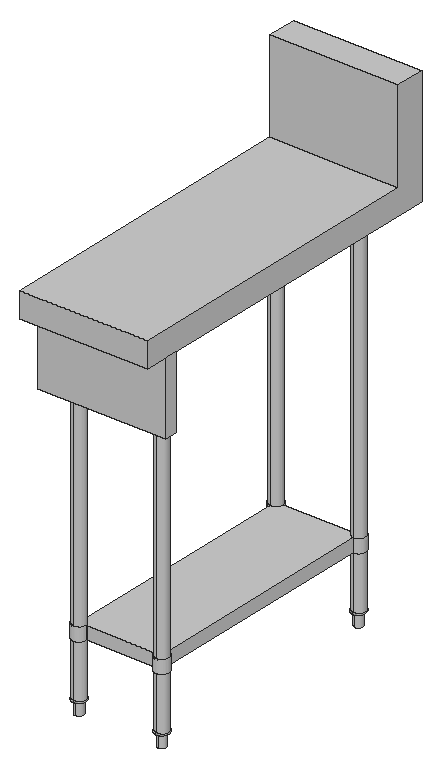
Revit family "QF_COMCATER ALL BRANDS_RCSPR3", category Specialty Equipment, Revit 2014
Parameters (values of type "RCSPR3")
  URL Cutsheet = ""
  URL = ""
  Type Comments = "The Australian owned and designed* Trueheat RC Series of Gas Cooking Equipment has been developed for the restaurant and cafe market with a high quality finish, designed to fulfill the busy demands within a commercial kitchen.\r\nSturdy range matched infill benches with stand.\r\nNote: Legs, feet and shelf can be removed to allow infill bench to be suspended between units on either side. (Hardware not included)."
  Status [instance] = ""
  Specification by User [instance] = ""
  Specification by Manufacturer [instance] = ""
  Seismic Rating = ""
  SMACNA No = ""
  Revision Code [instance] = ""
  NAFEM Spec ID Number = ""
  Model = "RCSPR3"
  Masterspec = ""
  Manufacturer = "TRUEHEAT"
  Length Actual = 300 mm
  Item Number [instance] = ""
  Installed By [instance] = ""
  Identify Quantity as Lot [instance] = no
  Height Actual = 910 mm
  Furnished By [instance] = ""
  Foodservice Equipment Identifier [instance] = yes
  Description = "300 MM WIDE INFILL BENCH"
  Depth Actual = 803 mm
  CSI MasterFormat = ""
  Assembly Code = "E1090320"
  Accessory = no
Reference planes
  plane 1 "Center (Front/Back)": y = 0
  plane 2: z = 0
  plane 3 "Center (Left/Right)": x = 0
Dimensions and locks
  aligned and locked: level to plane 2
Nested families
  nested 1: "QF_COMCATER_RCSPR3" at (0, 0, 0), type "RCSPR3"
    with Show Logo yes, Show Clearance yes
Definition of nested family "QF_COMCATER_RCSPR3"
  Parameters (values of type "RCSPR3")
    URL = "www.comcater.com.au"
    Show Logo [instance] = yes
    Show Clearance [instance] = yes
    Model = "RCSPR3"
    Manufacturer = "TRUEHEAT"
    Description = "WIDE INFILL BENCHES"
    Assembly Code = "E1090320"
  Reference planes
    plane 1 "Back": y = 0
    plane 2: z = 0
    plane 3 "Left": x = 0
    plane 4 "Right": x = 300
    plane 5 "Front": y = -803
    plane 6 "Top": z = 910
  Forms (mm)
    Extrusion 1, solid
      sketch origin (207.069, 0, 682.5) x (0, 1, 0) y (0, 0, 1)
        loop
          line (0, 442.5) -> (-70, 442.5) -> (-70, 227.5) -> (-803, 227.5) -> (-803, 167.5) -> (0, 167.5) -> (0, 442.5)
      from -207.069 to 92.931
    Extrusion 2, solid
      sketch origin (0, 0, 0) x (0, 1, 0) y (0, 0, 1)
        loop
          line (-720, 850) -> (-750, 850) -> (-750, 680) -> (-720, 680) -> (-720, 850)
      from 0 to 300
    Extrusion 3, solid
      sketch origin (0, 0, 160) x (1, 0, 0) y (0, 1, 0)
        loop
          line (60.5, -145) -> (60.5, -688)
          arc (60.5, -688) -> (48.479, -717.021) -> (77.5, -705) r 17
          line (77.5, -705) -> (237.5, -705)
          arc (237.5, -705) -> (266.521, -717.021) -> (254.5, -688) r 17
          line (254.5, -688) -> (254.5, -145)
          arc (254.5, -145) -> (266.521, -115.979) -> (237.5, -128) r 17
          line (237.5, -128) -> (77.5, -128)
          arc (77.5, -128) -> (48.479, -115.979) -> (60.5, -145) r 17
        loop
          circle (60.5, -705) r 15
        loop
          circle (254.5, -705) r 15
        loop
          circle (254.5, -128) r 15
        loop
          circle (60.5, -128) r 15
      from 0 to 30
    Revolve 4, solid
      sketch origin (60.5, 0, 0) x (0, 1, 0) y (0, 0, 1)
        loop
          line (-113, 850) -> (-128, 850) -> (-128, 0) -> (-118, 0) -> (-118, 30) -> (-113, 30)
          arc (-113, 30) -> (-111.5, 31.5) -> (-113, 33) r 1.5
          line (-113, 33) -> (-113, 850)
        axis (-128, 0) -> (-128, 850)
      angle from 0 to 360
    Revolve 5, solid
      sketch origin (60.5, -577, 0) x (0, 1, 0) y (0, 0, 1)
        loop
          line (-113, 850) -> (-128, 850) -> (-128, 0) -> (-118, 0) -> (-118, 30) -> (-113, 30)
          arc (-113, 30) -> (-111.5, 31.5) -> (-113, 33) r 1.5
          line (-113, 33) -> (-113, 850)
        axis (-128, 0) -> (-128, 850)
      angle from 0 to 360
    Revolve 6, solid
      sketch origin (254.5, 0, 0) x (0, 1, 0) y (0, 0, 1)
        loop
          line (-113, 850) -> (-128, 850) -> (-128, 0) -> (-118, 0) -> (-118, 30) -> (-113, 30)
          arc (-113, 30) -> (-111.5, 31.5) -> (-113, 33) r 1.5
          line (-113, 33) -> (-113, 850)
        axis (-128, 0) -> (-128, 850)
      angle from 0 to 360
    Revolve 7, solid
      sketch origin (254.5, -577, 0) x (0, 1, 0) y (0, 0, 1)
        loop
          line (-113, 850) -> (-128, 850) -> (-128, 0) -> (-118, 0) -> (-118, 30) -> (-113, 30)
          arc (-113, 30) -> (-111.5, 31.5) -> (-113, 33) r 1.5
          line (-113, 33) -> (-113, 850)
        axis (-128, 0) -> (-128, 850)
      angle from 0 to 360
  Lines and regions (mm)
    symbolic lines, style "200-EquipBorder-2D", visible <- "Show Clearance"
      curve 1: line (0, 0, 0) -> (300, 0, 0)
      curve 2: line (300, 0, 0) -> (300, -803, 0)
      curve 3: line (300, -803, 0) -> (0, -803, 0)
      curve 4: line (0, -803, 0) -> (0, 0, 0)
    symbolic lines, style "200-EquipBorder-2D"
      curve 5: line (0, -70, 0) -> (300, -70, 0)
  Dimensions and locks
    plane 1 "Back" to plane 5 "Front" = 803 mm
    plane 6 "Top" to level = 910 mm  (x2)
    plane 3 "Left" to plane 4 "Right" = 300 mm
    plane 5 "Front" to plane 1 "Back" = 803 mm
    plane 4 "Right" to plane 3 "Left" = 300 mm
    aligned and locked: level to plane 2
